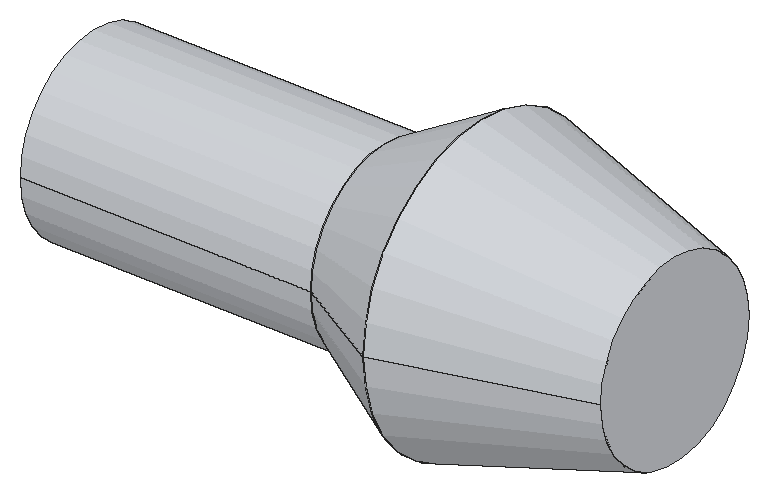
Revit family "M_Branch Connection - Threaded - Generic", category Pipe Fittings, Revit 2014
Parameters (values of type "Standard")
  built-in parameter 1114214 [instance] = 25 mm
  built-in parameter 1114213 [instance] = 25 mm
  built-in parameter 1114215 [instance] = size_lookup(Lookup Table Name, "Lgt", 0.36 * Nominal Diameter + 20.34 mm, Nominal Diameter)  # 0.0625 (stored number, unit not read)
  Nominal Radius [instance] = 3 mm
  Nominal Diameter [instance] = Nominal Radius * 2  # 6 mm
  Lookup Table Name = "M_Branch Connection - Threaded - Generic"
  Fitting Outside Radius 2 [instance] = Fitting Outside Diameter 2 / 2  # 7.938 mm
  Fitting Outside Radius 1 [instance] = Fitting Outside Diameter 1 / 2  # 12.7 mm
  Fitting Outside Diameter 2 [instance] = size_lookup(Lookup Table Name, "FOD2", 1.05 * Nominal Diameter + 10.716 mm, Nominal Diameter)  # 15.875 mm
  Fitting Outside Diameter 1 [instance] = size_lookup(Lookup Table Name, "FOD1", 1.31 * Nominal Diameter + 20.042 mm, Nominal Diameter)  # 25.4 mm
Reference planes
  plane 1 "Center (Front/Back)": y = 0
  plane 2: z = 0
  plane 3 "Center (Left/Right)": x = 0
  plane 4: x = -25
  plane 5: x = 25
  plane 6: x = 8.333
  plane 7: x = 16.667
Forms (mm)
  Extrusion 1, solid, detail levels fine
    sketch origin (0, 0, 0) x (0, 1, 0) y (0, 0, 1)
      loop
        circle (0, 0) r 7.938
    from -25 to 0
  Blend 2, solid, detail levels fine
    base sketch origin (0, 0, 0) x (0, 1, 0) y (0, 0, 1)
      loop
        circle (0, 0) r 7.938
    top sketch origin (0, 0, 0) x (0, 1, 0) y (0, 0, 1)
      loop
        circle (0, 0) r 12.7
    from 0 to 8.333
  Blend 3, solid, detail levels fine
    base sketch origin (0, 0, 0) x (0, 1, 0) y (0, 0, 1)
      loop
        circle (0, 0) r 7.938
    top sketch origin (0, 0, 0) x (0, 1, 0) y (0, 0, 1)
      loop
        circle (0, 0) r 12.7
    from 25 to 8.333
Dimensions and locks
  "built-in parameter 1114214": plane 4 to plane 3 "Center (Left/Right)"
  "built-in parameter 1114213": plane 3 "Center (Left/Right)" to plane 5
  equal spacing: plane 3 "Center (Left/Right)", plane 6, plane 7, plane 5
  "Fitting Outside Radius 2": radius of Extrusion 1 sketch curve
  "Fitting Outside Radius 2": radius of Blend 2 sketch curve
  "Fitting Outside Radius 1": radius of Blend 2 sketch curve
  "Fitting Outside Radius 2": radius of Blend 3 sketch curve
  "Fitting Outside Radius 1": radius of Blend 3 sketch curve
  aligned and locked: plane 2 to level
  aligned and locked: plane 2 to Extrusion 1 sketch curve
  aligned and locked: plane 1 "Center (Front/Back)" to Extrusion 1 sketch curve
  aligned and locked: Extrusion 1 to plane 4
  aligned and locked: plane 3 "Center (Left/Right)" to Extrusion 1
  aligned and locked: plane 2 to Blend 2 sketch curve  (x2)
  aligned and locked: plane 1 "Center (Front/Back)" to Blend 2 sketch curve  (x2)
  aligned and locked: Blend 2 to plane 3 "Center (Left/Right)"
  aligned and locked: plane 6 to Blend 2
  aligned and locked: plane 2 to Blend 3 sketch curve  (x2)
  aligned and locked: plane 1 "Center (Front/Back)" to Blend 3 sketch curve  (x2)
  aligned and locked: Blend 3 to plane 5
  aligned and locked: Blend 3 to plane 6
Connectors
  piping at (0, 0, 0), diameter 6, driven by "Nominal Radius"
    settings: on Blend 2, index 1, connector inside diameter 6 mm, connector length 0 mm, flow factor 0, pipe flow 0.0 L/s, pressure drop 0.0 Pa, fitting loss kfactor 0, connector angle 0.00°, fixture units 0, engagement length 0 mm, angle of deflection 0.00°, flow configuration 0, flow direction 0, fitting loss method 0, system type 28, joint type 0, gender type 0, connector reference index 2, connector utility 0, adjustable connector no, is connector primary yes, connector description ""
  piping at (25, 0, 0), diameter 6, driven by "Nominal Radius"
    settings: on Blend 3, index 2, connector inside diameter 6 mm, connector length 0 mm, flow factor 0, pipe flow 0.0 L/s, pressure drop 0.0 Pa, fitting loss kfactor 0, connector angle 0.00°, fixture units 0, engagement length 0 mm, angle of deflection 0.00°, flow configuration 0, flow direction 0, fitting loss method 0, system type 28, joint type 0, gender type 0, connector reference index 1, connector utility 0, adjustable connector no, is connector primary no, connector description ""
